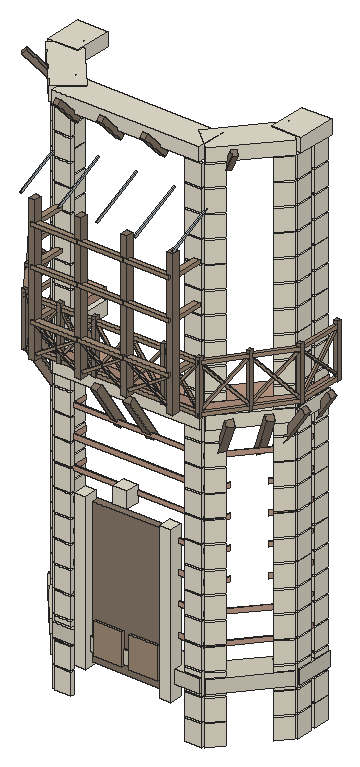
Revit family "AM_Detail_06_Polygonal_tower_and_carved_oriel", category Generic Models, Revit 2025 (continued)
Forms (mm)
  Extrusion 235, solid, material "AM Ivory carved stone"
    sketch origin (2055.232, -6920.679, 3065) x (1, 0, 0) y (0, 1, 0)
      loop
        line (0, 0) -> (194.294, 228.582) -> (148.578, 267.441) -> (-45.716, 38.859) -> (0, 0)
    from 0 to 390
  Extrusion 236, solid, material "AM Ivory carved stone"
    sketch origin (2055.232, -6920.679, 3485) x (1, 0, 0) y (0, 1, 0)
      loop
        line (0, 0) -> (194.294, 228.582) -> (148.578, 267.441) -> (-45.716, 38.859) -> (0, 0)
    from 0 to 390
  Extrusion 237, solid, material "AM Ivory carved stone"
    sketch origin (2055.232, -6920.679, 3905) x (1, 0, 0) y (0, 1, 0)
      loop
        line (0, 0) -> (194.294, 228.582) -> (148.578, 267.441) -> (-45.716, 38.859) -> (0, 0)
    from 0 to 390
  Extrusion 238, solid, material "AM Ivory carved stone"
    sketch origin (2055.232, -6920.679, 4325) x (1, 0, 0) y (0, 1, 0)
      loop
        line (0, 0) -> (194.294, 228.582) -> (148.578, 267.441) -> (-45.716, 38.859) -> (0, 0)
    from 0 to 390
  Extrusion 239, solid, material "AM Ivory carved stone"
    sketch origin (2055.232, -6920.679, 4745) x (1, 0, 0) y (0, 1, 0)
      loop
        line (0, 0) -> (194.294, 228.582) -> (148.578, 267.441) -> (-45.716, 38.859) -> (0, 0)
    from 0 to 390
  Extrusion 240, solid, material "AM Ivory carved stone"
    sketch origin (2055.232, -6920.679, 5165) x (1, 0, 0) y (0, 1, 0)
      loop
        line (0, 0) -> (194.294, 228.582) -> (148.578, 267.441) -> (-45.716, 38.859) -> (0, 0)
    from 0 to 390
  Extrusion 241, solid, material "AM Ivory carved stone"
    sketch origin (2055.232, -6920.679, 5585) x (1, 0, 0) y (0, 1, 0)
      loop
        line (0, 0) -> (194.294, 228.582) -> (148.578, 267.441) -> (-45.716, 38.859) -> (0, 0)
    from 0 to 390
  Extrusion 242, solid, material "AM Ivory carved stone"
    sketch origin (2055.232, -6920.679, 6005) x (1, 0, 0) y (0, 1, 0)
      loop
        line (0, 0) -> (194.294, 228.582) -> (148.578, 267.441) -> (-45.716, 38.859) -> (0, 0)
    from 0 to 390
  Extrusion 243, solid, material "AM Ivory carved stone"
    sketch origin (2055.232, -6920.679, 6425) x (1, 0, 0) y (0, 1, 0)
      loop
        line (0, 0) -> (194.294, 228.582) -> (148.578, 267.441) -> (-45.716, 38.859) -> (0, 0)
    from 0 to 390
  Extrusion 244, solid, material "AM Ivory carved stone"
    sketch origin (2055.232, -6920.679, 6845) x (1, 0, 0) y (0, 1, 0)
      loop
        line (0, 0) -> (194.294, 228.582) -> (148.578, 267.441) -> (-45.716, 38.859) -> (0, 0)
    from 0 to 390
  Extrusion 245, solid, material "AM Ivory carved stone"
    sketch origin (2055.232, -6920.679, 7265) x (1, 0, 0) y (0, 1, 0)
      loop
        line (0, 0) -> (194.294, 228.582) -> (148.578, 267.441) -> (-45.716, 38.859) -> (0, 0)
    from 0 to 390
  Extrusion 246, solid, material "AM Ivory carved stone"
    sketch origin (2055.232, -6920.679, 7685) x (1, 0, 0) y (0, 1, 0)
      loop
        line (0, 0) -> (194.294, 228.582) -> (148.578, 267.441) -> (-45.716, 38.859) -> (0, 0)
    from 0 to 390
  Extrusion 247, solid, material "AM Ivory carved stone"
    sketch origin (2055.232, -6920.679, 8105) x (1, 0, 0) y (0, 1, 0)
      loop
        line (0, 0) -> (194.294, 228.582) -> (148.578, 267.441) -> (-45.716, 38.859) -> (0, 0)
    from 0 to 389.999
  Extrusion 248, solid, material "AM Ivory carved stone"
    sketch origin (2055.232, -6920.679, 8525.001) x (1, 0, 0) y (0, 1, 0)
      loop
        line (0, 0) -> (194.294, 228.582) -> (148.578, 267.441) -> (-45.716, 38.859) -> (0, 0)
    from 0 to 389.999
  Extrusion 249, solid, material "AM Ivory carved stone"
    sketch origin (2055.232, -6920.679, 8945.001) x (1, 0, 0) y (0, 1, 0)
      loop
        line (0, 0) -> (194.294, 228.582) -> (148.578, 267.441) -> (-45.716, 38.859) -> (0, 0)
    from 0 to 389.999
  Extrusion 250, solid, material "AM Ivory carved stone"
    sketch origin (2055.232, -6920.679, 9365.001) x (1, 0, 0) y (0, 1, 0)
      loop
        line (0, 0) -> (194.294, 228.582) -> (148.578, 267.441) -> (-45.716, 38.859) -> (0, 0)
    from 0 to 389.999
  Extrusion 251, solid, material "AM Aged chestnut timber"
    sketch origin (1572.317, -7441.957, 9607.513) x (0.853484, 0.270456, -0.445442) y (0, 0.85478, 0.518991)
      loop
        line (0, 0) -> (72.089, 61.873) -> (10.217, 133.961) -> (-61.872, 72.089) -> (0, 0)
    from 0 to 657.951
  Extrusion 252, solid, material "AM Warm limestone - fine pores"
    sketch origin (2310, -6650, 1025) x (1, 0, 0) y (0, 1, 0)
      loop
        line (0, 0) -> (0, 700) -> (-500, 700) -> (-500, 0) -> (0, 0)
    from 0 to 250
  Extrusion 253, solid, material "AM Ivory carved stone"
    sketch origin (2305, -6650, 5380) x (1, 0, 0) y (0, 1, 0)
      loop
        line (0, 0) -> (0, 700) -> (-490, 700) -> (-490, 0) -> (0, 0)
    from 0 to 240
  Extrusion 254, solid, material "AM Faded terracotta masonry"
    sketch origin (2290, -6650, 5705) x (1, 0, 0) y (0, 1, 0)
      loop
        line (0, 0) -> (0, 700) -> (-460, 700) -> (-460, 0) -> (0, 0)
    from 0 to 130
  Extrusion 255, solid, material "AM Ivory carved stone"
    sketch origin (2335, -6650, 9815) x (1, 0, 0) y (0, 1, 0)
      loop
        line (0, 0) -> (0, 700) -> (-550, 700) -> (-550, 0) -> (0, 0)
    from 0 to 250
  Extrusion 256, solid, material "AM Faded terracotta masonry"
    sketch origin (2222, -6650, 1757.5) x (1, 0, 0) y (0, 1, 0)
      loop
        line (0, 0) -> (0, 700) -> (-20, 700) -> (-20, 0) -> (0, 0)
    from 0 to 85
  Extrusion 257, solid, material "AM Faded terracotta masonry"
    sketch origin (2222, -6650, 2277.5) x (1, 0, 0) y (0, 1, 0)
      loop
        line (0, 0) -> (0, 700) -> (-20, 700) -> (-20, 0) -> (0, 0)
    from 0 to 85
  Extrusion 258, solid, material "AM Faded terracotta masonry"
    sketch origin (2222, -6650, 2797.5) x (1, 0, 0) y (0, 1, 0)
      loop
        line (0, 0) -> (0, 700) -> (-20, 700) -> (-20, 0) -> (0, 0)
    from 0 to 85
  Extrusion 259, solid, material "AM Faded terracotta masonry"
    sketch origin (2222, -6650, 3317.5) x (1, 0, 0) y (0, 1, 0)
      loop
        line (0, 0) -> (0, 700) -> (-20, 700) -> (-20, 0) -> (0, 0)
    from 0 to 85
  Extrusion 260, solid, material "AM Faded terracotta masonry"
    sketch origin (2222, -6650, 3837.5) x (1, 0, 0) y (0, 1, 0)
      loop
        line (0, 0) -> (0, 700) -> (-20, 700) -> (-20, 0) -> (0, 0)
    from 0 to 85
  Extrusion 261, solid, material "AM Faded terracotta masonry"
    sketch origin (2222, -6650, 4357.5) x (1, 0, 0) y (0, 1, 0)
      loop
        line (0, 0) -> (0, 700) -> (-20, 700) -> (-20, 0) -> (0, 0)
    from 0 to 85
  Extrusion 262, solid, material "AM Faded terracotta masonry"
    sketch origin (2222, -6650, 4877.5) x (1, 0, 0) y (0, 1, 0)
      loop
        line (0, 0) -> (0, 700) -> (-20, 700) -> (-20, 0) -> (0, 0)
    from 0 to 85
  Extrusion 263, solid, material "AM Ivory carved stone"
    sketch origin (2265, -6650.001, 125) x (1, 0, 0) y (0, 1, 0)
      loop
        line (0, 0) -> (0, 300) -> (-60, 300) -> (-60, 0) -> (0, 0)
    from 0 to 390
  Extrusion 264, solid, material "AM Ivory carved stone"
    sketch origin (2265, -6650.001, 545) x (1, 0, 0) y (0, 1, 0)
      loop
        line (0, 0) -> (0, 300) -> (-60, 300) -> (-60, 0) -> (0, 0)
    from 0 to 390
  Extrusion 265, solid, material "AM Ivory carved stone"
    sketch origin (2265, -6650.001, 965) x (1, 0, 0) y (0, 1, 0)
      loop
        line (0, 0) -> (0, 300) -> (-60, 300) -> (-60, 0) -> (0, 0)
    from 0 to 390
  Extrusion 266, solid, material "AM Ivory carved stone"
    sketch origin (2265, -6650.001, 1385) x (1, 0, 0) y (0, 1, 0)
      loop
        line (0, 0) -> (0, 300) -> (-60, 300) -> (-60, 0) -> (0, 0)
    from 0 to 390
  Extrusion 267, solid, material "AM Ivory carved stone"
    sketch origin (2265, -6650.001, 1805) x (1, 0, 0) y (0, 1, 0)
      loop
        line (0, 0) -> (0, 300) -> (-60, 300) -> (-60, 0) -> (0, 0)
    from 0 to 390
  Extrusion 268, solid, material "AM Ivory carved stone"
    sketch origin (2265, -6650.001, 2225) x (1, 0, 0) y (0, 1, 0)
      loop
        line (0, 0) -> (0, 300) -> (-60, 300) -> (-60, 0) -> (0, 0)
    from 0 to 390
  Extrusion 269, solid, material "AM Ivory carved stone"
    sketch origin (2265, -6650.001, 2645) x (1, 0, 0) y (0, 1, 0)
      loop
        line (0, 0) -> (0, 300) -> (-60, 300) -> (-60, 0) -> (0, 0)
    from 0 to 390
  Extrusion 270, solid, material "AM Ivory carved stone"
    sketch origin (2265, -6650.001, 3065) x (1, 0, 0) y (0, 1, 0)
      loop
        line (0, 0) -> (0, 300) -> (-60, 300) -> (-60, 0) -> (0, 0)
    from 0 to 390
  Extrusion 271, solid, material "AM Ivory carved stone"
    sketch origin (2265, -6650.001, 3485) x (1, 0, 0) y (0, 1, 0)
      loop
        line (0, 0) -> (0, 300) -> (-60, 300) -> (-60, 0) -> (0, 0)
    from 0 to 390
  Extrusion 272, solid, material "AM Ivory carved stone"
    sketch origin (2265, -6650.001, 3905) x (1, 0, 0) y (0, 1, 0)
      loop
        line (0, 0) -> (0, 300) -> (-60, 300) -> (-60, 0) -> (0, 0)
    from 0 to 390
  Extrusion 273, solid, material "AM Ivory carved stone"
    sketch origin (2265, -6650.001, 4325) x (1, 0, 0) y (0, 1, 0)
      loop
        line (0, 0) -> (0, 300) -> (-60, 300) -> (-60, 0) -> (0, 0)
    from 0 to 390
  Extrusion 274, solid, material "AM Ivory carved stone"
    sketch origin (2265, -6650.001, 4745) x (1, 0, 0) y (0, 1, 0)
      loop
        line (0, 0) -> (0, 300) -> (-60, 300) -> (-60, 0) -> (0, 0)
    from 0 to 390
  Extrusion 275, solid, material "AM Ivory carved stone"
    sketch origin (2265, -6650.001, 5165) x (1, 0, 0) y (0, 1, 0)
      loop
        line (0, 0) -> (0, 300) -> (-60, 300) -> (-60, 0) -> (0, 0)
    from 0 to 390
  Extrusion 276, solid, material "AM Ivory carved stone"
    sketch origin (2265, -6650.001, 5585) x (1, 0, 0) y (0, 1, 0)
      loop
        line (0, 0) -> (0, 300) -> (-60, 300) -> (-60, 0) -> (0, 0)
    from 0 to 390
  Extrusion 277, solid, material "AM Ivory carved stone"
    sketch origin (2265, -6650.001, 6005) x (1, 0, 0) y (0, 1, 0)
      loop
        line (0, 0) -> (0, 300) -> (-60, 300) -> (-60, 0) -> (0, 0)
    from 0 to 390
  Extrusion 278, solid, material "AM Ivory carved stone"
    sketch origin (2265, -6650.001, 6425) x (1, 0, 0) y (0, 1, 0)
      loop
        line (0, 0) -> (0, 300) -> (-60, 300) -> (-60, 0) -> (0, 0)
    from 0 to 390
  Extrusion 279, solid, material "AM Ivory carved stone"
    sketch origin (2265, -6650.001, 6845) x (1, 0, 0) y (0, 1, 0)
      loop
        line (0, 0) -> (0, 300) -> (-60, 300) -> (-60, 0) -> (0, 0)
    from 0 to 390
  Extrusion 280, solid, material "AM Ivory carved stone"
    sketch origin (2265, -6650.001, 7265) x (1, 0, 0) y (0, 1, 0)
      loop
        line (0, 0) -> (0, 300) -> (-60, 300) -> (-60, 0) -> (0, 0)
    from 0 to 390
  Extrusion 281, solid, material "AM Ivory carved stone"
    sketch origin (2265, -6650.001, 7685) x (1, 0, 0) y (0, 1, 0)
      loop
        line (0, 0) -> (0, 300) -> (-60, 300) -> (-60, 0) -> (0, 0)
    from 0 to 390
  Extrusion 282, solid, material "AM Ivory carved stone"
    sketch origin (2265, -6650.001, 8105) x (1, 0, 0) y (0, 1, 0)
      loop
        line (0, 0) -> (0, 300) -> (-60, 300) -> (-60, 0) -> (0, 0)
    from 0 to 389.999
  Extrusion 283, solid, material "AM Ivory carved stone"
    sketch origin (2265, -6650.001, 8525.001) x (1, 0, 0) y (0, 1, 0)
      loop
        line (0, 0) -> (0, 300) -> (-60, 300) -> (-60, 0) -> (0, 0)
    from 0 to 389.999
  Extrusion 284, solid, material "AM Ivory carved stone"
    sketch origin (2265, -6650.001, 8945.001) x (1, 0, 0) y (0, 1, 0)
      loop
        line (0, 0) -> (0, 300) -> (-60, 300) -> (-60, 0) -> (0, 0)
    from 0 to 389.999
  Extrusion 285, solid, material "AM Ivory carved stone"
    sketch origin (2265, -6650.001, 9365.001) x (1, 0, 0) y (0, 1, 0)
      loop
        line (0, 0) -> (0, 300) -> (-60, 300) -> (-60, 0) -> (0, 0)
    from 0 to 389.999
  Extrusion 286, solid, material "AM Ivory carved stone"
    sketch origin (2265, -6250, 125) x (1, 0, 0) y (0, 1, 0)
      loop
        line (0, 0) -> (0, 300) -> (-60, 300) -> (-60, 0) -> (0, 0)
    from 0 to 390
  Extrusion 287, solid, material "AM Ivory carved stone"
    sketch origin (2265, -6250, 545) x (1, 0, 0) y (0, 1, 0)
      loop
        line (0, 0) -> (0, 300) -> (-60, 300) -> (-60, 0) -> (0, 0)
    from 0 to 390
  Extrusion 288, solid, material "AM Ivory carved stone"
    sketch origin (2265, -6250, 965) x (1, 0, 0) y (0, 1, 0)
      loop
        line (0, 0) -> (0, 300) -> (-60, 300) -> (-60, 0) -> (0, 0)
    from 0 to 390
  Extrusion 289, solid, material "AM Ivory carved stone"
    sketch origin (2265, -6250, 1385) x (1, 0, 0) y (0, 1, 0)
      loop
        line (0, 0) -> (0, 300) -> (-60, 300) -> (-60, 0) -> (0, 0)
    from 0 to 390
  Extrusion 290, solid, material "AM Ivory carved stone"
    sketch origin (2265, -6250, 1805) x (1, 0, 0) y (0, 1, 0)
      loop
        line (0, 0) -> (0, 300) -> (-60, 300) -> (-60, 0) -> (0, 0)
    from 0 to 390
  Extrusion 291, solid, material "AM Ivory carved stone"
    sketch origin (2265, -6250, 2225) x (1, 0, 0) y (0, 1, 0)
      loop
        line (0, 0) -> (0, 300) -> (-60, 300) -> (-60, 0) -> (0, 0)
    from 0 to 390
  Extrusion 292, solid, material "AM Ivory carved stone"
    sketch origin (2265, -6250, 2645) x (1, 0, 0) y (0, 1, 0)
      loop
        line (0, 0) -> (0, 300) -> (-60, 300) -> (-60, 0) -> (0, 0)
    from 0 to 390
  Extrusion 293, solid, material "AM Ivory carved stone"
    sketch origin (2265, -6250, 3065) x (1, 0, 0) y (0, 1, 0)
      loop
        line (0, 0) -> (0, 300) -> (-60, 300) -> (-60, 0) -> (0, 0)
    from 0 to 390
  Extrusion 294, solid, material "AM Ivory carved stone"
    sketch origin (2265, -6250, 3485) x (1, 0, 0) y (0, 1, 0)
      loop
        line (0, 0) -> (0, 300) -> (-60, 300) -> (-60, 0) -> (0, 0)
    from 0 to 390
  Extrusion 295, solid, material "AM Ivory carved stone"
    sketch origin (2265, -6250, 3905) x (1, 0, 0) y (0, 1, 0)
      loop
        line (0, 0) -> (0, 300) -> (-60, 300) -> (-60, 0) -> (0, 0)
    from 0 to 390
  Extrusion 296, solid, material "AM Ivory carved stone"
    sketch origin (2265, -6250, 4325) x (1, 0, 0) y (0, 1, 0)
      loop
        line (0, 0) -> (0, 300) -> (-60, 300) -> (-60, 0) -> (0, 0)
    from 0 to 390
  Extrusion 297, solid, material "AM Ivory carved stone"
    sketch origin (2265, -6250, 4745) x (1, 0, 0) y (0, 1, 0)
      loop
        line (0, 0) -> (0, 300) -> (-60, 300) -> (-60, 0) -> (0, 0)
    from 0 to 390
  Extrusion 298, solid, material "AM Ivory carved stone"
    sketch origin (2265, -6250, 5165) x (1, 0, 0) y (0, 1, 0)
      loop
        line (0, 0) -> (0, 300) -> (-60, 300) -> (-60, 0) -> (0, 0)
    from 0 to 390
  Extrusion 299, solid, material "AM Ivory carved stone"
    sketch origin (2265, -6250, 5585) x (1, 0, 0) y (0, 1, 0)
      loop
        line (0, 0) -> (0, 300) -> (-60, 300) -> (-60, 0) -> (0, 0)
    from 0 to 390
  Extrusion 300, solid, material "AM Ivory carved stone"
    sketch origin (2265, -6250, 6005) x (1, 0, 0) y (0, 1, 0)
      loop
        line (0, 0) -> (0, 300) -> (-60, 300) -> (-60, 0) -> (0, 0)
    from 0 to 390
  Extrusion 301, solid, material "AM Ivory carved stone"
    sketch origin (2265, -6250, 6425) x (1, 0, 0) y (0, 1, 0)
      loop
        line (0, 0) -> (0, 300) -> (-60, 300) -> (-60, 0) -> (0, 0)
    from 0 to 390
  Extrusion 302, solid, material "AM Ivory carved stone"
    sketch origin (2265, -6250, 6845) x (1, 0, 0) y (0, 1, 0)
      loop
        line (0, 0) -> (0, 300) -> (-60, 300) -> (-60, 0) -> (0, 0)
    from 0 to 390
  Extrusion 303, solid, material "AM Ivory carved stone"
    sketch origin (2265, -6250, 7265) x (1, 0, 0) y (0, 1, 0)
      loop
        line (0, 0) -> (0, 300) -> (-60, 300) -> (-60, 0) -> (0, 0)
    from 0 to 390
  Extrusion 304, solid, material "AM Ivory carved stone"
    sketch origin (2265, -6250, 7685) x (1, 0, 0) y (0, 1, 0)
      loop
        line (0, 0) -> (0, 300) -> (-60, 300) -> (-60, 0) -> (0, 0)
    from 0 to 390
  Extrusion 305, solid, material "AM Ivory carved stone"
    sketch origin (2265, -6250, 8105) x (1, 0, 0) y (0, 1, 0)
      loop
        line (0, 0) -> (0, 300) -> (-60, 300) -> (-60, 0) -> (0, 0)
    from 0 to 389.999
  Extrusion 306, solid, material "AM Ivory carved stone"
    sketch origin (2265, -6250, 8525.001) x (1, 0, 0) y (0, 1, 0)
      loop
        line (0, 0) -> (0, 300) -> (-60, 300) -> (-60, 0) -> (0, 0)
    from 0 to 389.999
  Extrusion 307, solid, material "AM Ivory carved stone"
    sketch origin (2265, -6250, 8945.001) x (1, 0, 0) y (0, 1, 0)
      loop
        line (0, 0) -> (0, 300) -> (-60, 300) -> (-60, 0) -> (0, 0)
    from 0 to 389.999
  Extrusion 308, solid, material "AM Ivory carved stone"
    sketch origin (2265, -6250, 9365.001) x (1, 0, 0) y (0, 1, 0)
      loop
        line (0, 0) -> (0, 300) -> (-60, 300) -> (-60, 0) -> (0, 0)
    from 0 to 389.999
  Extrusion 309, solid, material "AM Carved warm timber"
    sketch origin (-2512.5, -6000, 5847.5) x (0, 0, -1) y (1, 0, 0)
      loop
        line (0, 0) -> (0, 65) -> (-65, 65) -> (-65, 0) -> (0, 0)
    from 0 to 850
  Extrusion 310, solid, material "AM Carved warm timber"
    sketch origin (-2512.5, -6000, 6707.5) x (0, 0, -1) y (1, 0, 0)
      loop
        line (0, 0) -> (0, 65) -> (-65, 65) -> (-65, 0) -> (0, 0)
    from 0 to 850
  Extrusion 311, solid, material "AM Aged chestnut timber"
    sketch origin (-2445, -5965, 5830) x (1, 0, 0) y (0, 1, 0)
      loop
        line (0, 0) -> (-70, 0) -> (-70, -70) -> (0, -70) -> (0, 0)
    from 0 to 1000
  Extrusion 312, solid, material "AM Aged chestnut timber"
    sketch origin (-2445, -6815.001, 5830) x (1, 0, 0) y (0, 1, 0)
      loop
        line (0, 0) -> (-70, 0) -> (-70, -70) -> (0, -70) -> (0, 0)
    from 0 to 1000
  Extrusion 313, solid, material "AM Carved warm timber"
    sketch origin (-2499, -6052.977, 5946.122) x (1, 0, 0) y (0, 0.682993, 0.730425)
      loop
        line (0, 0) -> (38, 0) -> (38, 38) -> (0, 38) -> (0, 0)
    from 0 to 1054.182
  Extrusion 314, solid, material "AM Carved warm timber"
    sketch origin (-2499, -6027.023, 6666.121) x (1, 0, 0) y (0, -0.682999, 0.730419)
      loop
        line (0, 0) -> (38, 0) -> (38, 38) -> (0, 38) -> (0, 0)
    from 0 to 1054.182
  Extrusion 315, solid, material "AM Aged chestnut timber"
    sketch origin (-1980.016, -6065, 4786.857) x (0.833591, 0, 0.552383) y (0, 1, 0)
      loop
        line (0, 0) -> (0, -120) -> (120, -120) -> (120, 0) -> (0, 0)
    from 0 to 995.691
  Extrusion 316, solid, material "AM Aged chestnut timber"
    sketch origin (-1980.016, -6665, 4786.857) x (0.833591, 0, 0.552383) y (0, 1, 0)
      loop
        line (0, 0) -> (0, -120) -> (120, -120) -> (120, 0) -> (0, 0)
    from 0 to 995.691
  Extrusion 317, solid, material "AM Carved warm timber"
    sketch origin (-2506.432, -6868.911, 5847.5) x (0.813289, 0.58186, 0) y (0, 0, 1)
      loop
        line (0, 0) -> (65, 0) -> (65, 65) -> (0, 65) -> (0, 0)
    from 0 to 1512.382
  Extrusion 318, solid, material "AM Carved warm timber"
    sketch origin (-2506.432, -6868.911, 6707.5) x (0.813289, 0.58186, 0) y (0, 0, 1)
      loop
        line (0, 0) -> (65, 0) -> (65, 65) -> (0, 65) -> (0, 0)
    from 0 to 1512.382
  Extrusion 319, solid, material "AM Aged chestnut timber"
    sketch origin (-2445, -6815.001, 5830) x (1, 0, 0) y (0, 1, 0)
      loop
        line (0, 0) -> (-70, 0) -> (-70, -70) -> (0, -70) -> (0, 0)
    from 0 to 1000
  Extrusion 320, solid, material "AM Aged chestnut timber"
    sketch origin (-2005, -7430, 5830) x (1, 0, 0) y (0, 1, 0)
      loop
        line (0, 0) -> (-70, 0) -> (-70, -70) -> (0, -70) -> (0, 0)
    from 0 to 1000
  Extrusion 321, solid, material "AM Aged chestnut timber"
    sketch origin (-1565, -8045, 5830) x (1, 0, 0) y (0, 1, 0)
      loop
        line (0, 0) -> (-70, 0) -> (-70, -70) -> (0, -70) -> (0, 0)
    from 0 to 1000
  Extrusion 322, solid, material "AM Carved warm timber"
    sketch origin (-2464.119, -6904.851, 5946.993) x (0.917241, 0.241785, -0.316559) y (0, 0.794709, 0.606991)
      loop
        line (0, 0) -> (33.693, 17.572) -> (16.122, 51.265) -> (-17.572, 33.693) -> (0, 0)
    from 0 to 987.742
  Extrusion 323, solid, material "AM Carved warm timber"
    sketch origin (-2480.236, -6882.323, 6666.993) x (0.917241, 0.241785, 0.316559) y (0, -0.794709, 0.606991)
      loop
        line (0, 0) -> (33.693, -17.572) -> (51.265, 16.121) -> (17.572, 33.693) -> (0, 0)
    from 0 to 987.742
  Extrusion 324, solid, material "AM Carved warm timber"
    sketch origin (-2024.119, -7519.85, 5946.993) x (0.917243, 0.241783, -0.316553) y (0, 0.794706, 0.606995)
      loop
        line (0, 0) -> (33.693, 17.571) -> (16.122, 51.264) -> (-17.571, 33.693) -> (0, 0)
    from 0 to 987.742
  Extrusion 325, solid, material "AM Carved warm timber"
    sketch origin (-2040.237, -7497.323, 6666.993) x (0.917244, 0.241782, 0.316552) y (0, -0.794705, 0.606995)
      loop
        line (0, 0) -> (33.693, -17.571) -> (51.265, 16.122) -> (17.571, 33.693) -> (0, 0)
    from 0 to 987.742
  Extrusion 326, solid, material "AM Aged chestnut timber"
    sketch origin (-1842.84, -6881.294, 4786.857) x (0.893408, -0.16162, 0.419167) y (0, 0.933045, 0.359759)
      loop
        line (0, 0) -> (78.154, -91.06) -> (169.214, -12.906) -> (91.06, 78.154) -> (0, 0)
    from 0 to 995.691
  Extrusion 327, solid, material "AM Aged chestnut timber"
    sketch origin (-1493.722, -7369.267, 4786.857) x (0.893408, -0.16162, 0.419167) y (0, 0.933045, 0.359759)
      loop
        line (0, 0) -> (78.154, -91.06) -> (169.214, -12.906) -> (91.06, 78.154) -> (0, 0)
    from 0 to 995.691
  Extrusion 328, solid, material "AM Carved warm timber"
    sketch origin (-1600, -8112.5, 5847.5) x (0, 1, 0) y (0, 0, 1)
      loop
        line (0, 0) -> (65.001, 0) -> (65.001, 65) -> (0, 65) -> (0, 0)
    from 0 to 3200
  Extrusion 329, solid, material "AM Carved warm timber"
    sketch origin (-1600, -8112.5, 6707.5) x (0, 1, 0) y (0, 0, 1)
      loop
        line (0, 0) -> (65.001, 0) -> (65.001, 65) -> (0, 65) -> (0, 0)
    from 0 to 3200
  Extrusion 330, solid, material "AM Aged chestnut timber"
    sketch origin (-1565, -8045, 5830) x (1, 0, 0) y (0, 1, 0)
      loop
        line (0, 0) -> (-70, 0) -> (-70, -70) -> (0, -70) -> (0, 0)
    from 0 to 1000
  Extrusion 331, solid, material "AM Aged chestnut timber"
    sketch origin (-925, -8045, 5830) x (1, 0, 0) y (0, 1, 0)
      loop
        line (0, 0) -> (-70, 0) -> (-70, -70) -> (0, -70) -> (0, 0)
    from 0 to 1000
  Extrusion 332, solid, material "AM Aged chestnut timber"
    sketch origin (-285, -8045, 5830) x (1, 0, 0) y (0, 1, 0)
      loop
        line (0, 0) -> (-70, 0) -> (-70, -70) -> (0, -70) -> (0, 0)
    from 0 to 1000
  Extrusion 333, solid, material "AM Aged chestnut timber"
    sketch origin (355, -8045, 5830) x (1, 0, 0) y (0, 1, 0)
      loop
        line (0, 0) -> (-70, 0) -> (-70, -70) -> (0, -70) -> (0, 0)
    from 0 to 1000
  Extrusion 334, solid, material "AM Aged chestnut timber"
    sketch origin (995, -8045, 5830) x (1, 0, 0) y (0, 1, 0)
      loop
        line (0, 0) -> (-70, 0) -> (-70, -70) -> (0, -70) -> (0, 0)
    from 0 to 1000
  Extrusion 335, solid, material "AM Aged chestnut timber"
    sketch origin (1635, -8045, 5830) x (1, 0, 0) y (0, 1, 0)
      loop
        line (0, 0) -> (-70, 0) -> (-70, -70) -> (0, -70) -> (0, 0)
    from 0 to 1000
  Extrusion 336, solid, material "AM Carved warm timber"
    sketch origin (-1545.002, -8099, 5948.335) x (0.789352, 0, -0.613941) y (0, 1, 0)
      loop
        line (0, 0) -> (0, 38) -> (-38, 38) -> (-38, 0) -> (0, 0)
    from 0 to 912.14
  Extrusion 337, solid, material "AM Carved warm timber"
    sketch origin (-1574.998, -8099, 6668.334) x (0.789346, 0, 0.613949) y (0, -1, 0)
      loop
        line (0, 0) -> (0, -38) -> (38, -38) -> (38, 0) -> (0, 0)
    from 0 to 912.14
  Extrusion 338, solid, material "AM Carved warm timber"
    sketch origin (-905.002, -8099, 5948.335) x (0.789346, 0, -0.613948) y (0, 1, 0)
      loop
        line (0, 0) -> (0, 38) -> (-38, 38) -> (-38, 0) -> (0, 0)
    from 0 to 912.14
  Extrusion 339, solid, material "AM Carved warm timber"
    sketch origin (-934.998, -8099, 6668.334) x (0.789346, 0, 0.613948) y (0, -1, 0)
      loop
        line (0, 0) -> (0, -38) -> (38, -38) -> (38, 0) -> (0, 0)
    from 0 to 912.14
  Extrusion 340, solid, material "AM Carved warm timber"
    sketch origin (-265.002, -8099, 5948.335) x (0.789346, 0, -0.613948) y (0, 1, 0)
      loop
        line (0, 0) -> (0, 38) -> (-38, 38) -> (-38, 0) -> (0, 0)
    from 0 to 912.14
  Extrusion 341, solid, material "AM Carved warm timber"
    sketch origin (-294.998, -8099, 6668.334) x (0.789346, 0, 0.613948) y (0, -1, 0)
      loop
        line (0, 0) -> (0, -38) -> (38, -38) -> (38, 0) -> (0, 0)
    from 0 to 912.14
  Extrusion 342, solid, material "AM Carved warm timber"
    sketch origin (374.998, -8099, 5948.335) x (0.789346, 0, -0.613948) y (0, 1, 0)
      loop
        line (0, 0) -> (0, 38) -> (-38, 38) -> (-38, 0) -> (0, 0)
    from 0 to 912.14
  Extrusion 343, solid, material "AM Carved warm timber"
    sketch origin (345.002, -8099, 6668.334) x (0.789346, 0, 0.613948) y (0, -1, 0)
      loop
        line (0, 0) -> (0, -38) -> (38, -38) -> (38, 0) -> (0, 0)
    from 0 to 912.14
  Extrusion 344, solid, material "AM Carved warm timber"
    sketch origin (1014.998, -8099, 5948.335) x (0.789352, 0, -0.613941) y (0, 1, 0)
      loop
        line (0, 0) -> (0, 38) -> (-38, 38) -> (-38, 0) -> (0, 0)
    from 0 to 912.14
  Extrusion 345, solid, material "AM Carved warm timber"
    sketch origin (985.002, -8099, 6668.334) x (0.789346, 0, 0.613949) y (0, -1, 0)
      loop
        line (0, 0) -> (0, -38) -> (38, -38) -> (38, 0) -> (0, 0)
    from 0 to 912.14
  Extrusion 346, solid, material "AM Aged chestnut timber"
    sketch origin (-360, -7580.015, 4786.857) x (1, 0, 0) y (0, 0.83359, 0.552384)
      loop
        line (0, 0) -> (120, 0) -> (120, 120) -> (0, 120) -> (0, 0)
    from 0 to 995.691
  Extrusion 347, solid, material "AM Aged chestnut timber"
    sketch origin (240, -7580.015, 4786.857) x (1, 0, 0) y (0, 0.83359, 0.552384)
      loop
        line (0, 0) -> (120, 0) -> (120, 120) -> (0, 120) -> (0, 0)
    from 0 to 995.691
  Extrusion 348, solid, material "AM Carved warm timber"
    sketch origin (1626.432, -8098.91, 5847.5) x (0.813289, -0.58186, 0) y (0, 0, -1)
      loop
        line (0, 0) -> (-65, 0) -> (-65, -65) -> (0, -65) -> (0, 0)
    from 0 to 1512.382
  Extrusion 349, solid, material "AM Carved warm timber"
    sketch origin (1626.432, -8098.91, 6707.5) x (0.813289, -0.58186, 0) y (0, 0, -1)
      loop
        line (0, 0) -> (-65, 0) -> (-65, -65) -> (0, -65) -> (0, 0)
    from 0 to 1512.382
  Extrusion 350, solid, material "AM Aged chestnut timber"
    sketch origin (1635, -8045, 5830) x (1, 0, 0) y (0, 1, 0)
      loop
        line (0, 0) -> (-70, 0) -> (-70, -70) -> (0, -70) -> (0, 0)
    from 0 to 1000
  Extrusion 351, solid, material "AM Aged chestnut timber"
    sketch origin (2075, -7430, 5830) x (1, 0, 0) y (0, 1, 0)
      loop
        line (0, 0) -> (-70, 0) -> (-70, -70) -> (0, -70) -> (0, 0)
    from 0 to 1000
  Extrusion 352, solid, material "AM Aged chestnut timber"
    sketch origin (2515, -6815.001, 5830) x (1, 0, 0) y (0, 1, 0)
      loop
        line (0, 0) -> (-70, 0) -> (-70, -70) -> (0, -70) -> (0, 0)
    from 0 to 1000
  Extrusion 353, solid, material "AM Carved warm timber"
    sketch origin (1646.786, -8047.26, 5946.993) x (0.917241, -0.241784, -0.316558) y (0, 0.794709, -0.606991)
      loop
        line (0, 0) -> (-33.693, 17.572) -> (-51.265, -16.121) -> (-17.572, -33.693) -> (0, 0)
    from 0 to 987.742
  Extrusion 354, solid, material "AM Carved warm timber"
    sketch origin (1630.668, -8069.788, 6666.993) x (0.917241, -0.241784, 0.316558) y (0, -0.794709, -0.606991)
      loop
        line (0, 0) -> (-33.693, -17.572) -> (-16.122, -51.265) -> (17.572, -33.693) -> (0, 0)
    from 0 to 987.742
  Extrusion 355, solid, material "AM Carved warm timber"
    sketch origin (2086.786, -7432.261, 5946.993) x (0.917241, -0.241784, -0.316557) y (0, 0.794708, -0.606992)
      loop
        line (0, 0) -> (-33.693, 17.572) -> (-51.265, -16.121) -> (-17.572, -33.693) -> (0, 0)
    from 0 to 987.742
  Extrusion 356, solid, material "AM Carved warm timber"
    sketch origin (2070.668, -7454.788, 6666.993) x (0.917241, -0.241785, 0.316559) y (0, -0.794709, -0.606991)
      loop
        line (0, 0) -> (-33.693, -17.572) -> (-16.122, -51.265) -> (17.572, -33.693) -> (0, 0)
    from 0 to 987.742
  Extrusion 357, solid, material "AM Aged chestnut timber"
    sketch origin (1423.898, -7466.861, 4786.857) x (0.893408, 0.16162, -0.419167) y (0, 0.933045, 0.359759)
      loop
        line (0, 0) -> (78.154, 91.06) -> (-12.906, 169.214) -> (-91.06, 78.154) -> (0, 0)
    from 0 to 995.691
  Extrusion 358, solid, material "AM Aged chestnut timber"
    sketch origin (1773.017, -6978.889, 4786.857) x (0.893408, 0.16162, -0.419167) y (0, 0.933045, 0.359759)
      loop
        line (0, 0) -> (78.154, 91.06) -> (-12.906, 169.214) -> (-91.06, 78.154) -> (0, 0)
    from 0 to 995.691
  Extrusion 359, solid, material "AM Carved warm timber"
    sketch origin (2512.5, -6850, 5847.5) x (0, 0, 1) y (1, 0, 0)
      loop
        line (0, 0) -> (0, -65) -> (65, -65) -> (65, 0) -> (0, 0)
    from 0 to 850
  Extrusion 360, solid, material "AM Carved warm timber"
    sketch origin (2512.5, -6850, 6707.5) x (0, 0, 1) y (1, 0, 0)
      loop
        line (0, 0) -> (0, -65) -> (65, -65) -> (65, 0) -> (0, 0)
    from 0 to 850
  Extrusion 361, solid, material "AM Aged chestnut timber"
    sketch origin (2515, -6815.001, 5830) x (1, 0, 0) y (0, 1, 0)
      loop
        line (0, 0) -> (-70, 0) -> (-70, -70) -> (0, -70) -> (0, 0)
    from 0 to 1000
  Extrusion 362, solid, material "AM Aged chestnut timber"
    sketch origin (2515, -5965, 5830) x (1, 0, 0) y (0, 1, 0)
      loop
        line (0, 0) -> (-70, 0) -> (-70, -70) -> (0, -70) -> (0, 0)
    from 0 to 1000
  Extrusion 363, solid, material "AM Carved warm timber"
    sketch origin (2499, -6797.023, 5946.122) x (1, 0.000007, 0.000006) y (0, 0.682993, -0.730425)
      loop
        line (0, 0) -> (-38, 0) -> (-38, -38) -> (0, -38) -> (0, 0)
    from 0 to 1054.182
  Extrusion 364, solid, material "AM Carved warm timber"
    sketch origin (2499, -6822.977, 6666.121) x (1, 0, 0) y (0, -0.682993, -0.730425)
      loop
        line (0, 0) -> (-38, 0) -> (-38, -38) -> (0, -38) -> (0, 0)
    from 0 to 1054.182
  Extrusion 365, solid, material "AM Aged chestnut timber"
    sketch origin (1980.016, -6785, 4786.857) x (0.833591, 0, -0.552383) y (0, 1, 0)
      loop
        line (0, 0) -> (0, 120) -> (-120, 120) -> (-120, 0) -> (0, 0)
    from 0 to 995.691
  Extrusion 366, solid, material "AM Aged chestnut timber"
    sketch origin (1980.016, -6185, 4786.857) x (0.833591, 0, -0.552383) y (0, 1, 0)
      loop
        line (0, 0) -> (0, 120) -> (-120, 120) -> (-120, 0) -> (0, 0)
    from 0 to 995.691
  Extrusion 367, solid, material "AM Carved warm timber"
    sketch origin (-1270, -8365.001, 6487.5) x (1, 0, 0) y (0, 1, 0)
      loop
        line (0, 0) -> (846.667, 0) -> (846.667, 100) -> (0, 100) -> (0, 0)
    from 0 to 65
  Extrusion 368, solid, material "AM Carved warm timber"
    sketch origin (-1270, -8365.001, 7387.5) x (1, 0, 0) y (0, 1, 0)
      loop
        line (0, 0) -> (846.667, 0) -> (846.667, 100) -> (0, 100) -> (0, 0)
    from 0 to 65
  Extrusion 369, solid, material "AM Carved warm timber"
    sketch origin (-1270, -8365.001, 8097.5) x (1, 0, 0) y (0, 1, 0)
      loop
        line (0, 0) -> (846.667, 0) -> (846.667, 100) -> (0, 100) -> (0, 0)
    from 0 to 65.001
  Extrusion 370, solid, material "AM Carved warm timber"
    sketch origin (-1192.763, -8337.5, 5975.306) x (0.543095, 0, -0.839671) y (0, 1, 0)
      loop
        line (0, 0) -> (0, 35) -> (-35, 35) -> (-35, 0) -> (0, 0)
    from 0 to 846.998
  Extrusion 371, solid, material "AM Carved warm timber"
    sketch origin (-1211.771, -8337.5, 6435.306) x (0.543097, 0, 0.83967) y (0, -1, 0)
      loop
        line (0, 0) -> (0, -35) -> (35, -35) -> (35, 0) -> (0, 0)
    from 0 to 846.998
  Extrusion 372, solid, material "AM Carved warm timber"
    sketch origin (-423.333, -8365.001, 6487.5) x (1, 0, 0) y (0, 1, 0)
      loop
        line (0, 0) -> (846.667, 0) -> (846.667, 100) -> (0, 100) -> (0, 0)
    from 0 to 65
  Extrusion 373, solid, material "AM Carved warm timber"
    sketch origin (-423.333, -8365.001, 7387.5) x (1, 0, 0) y (0, 1, 0)
      loop
        line (0, 0) -> (846.667, 0) -> (846.667, 100) -> (0, 100) -> (0, 0)
    from 0 to 65
  Extrusion 374, solid, material "AM Carved warm timber"
    sketch origin (-423.333, -8365.001, 8097.5) x (1, 0, 0) y (0, 1, 0)
      loop
        line (0, 0) -> (846.667, 0) -> (846.667, 100) -> (0, 100) -> (0, 0)
    from 0 to 65.001
  Extrusion 375, solid, material "AM Carved warm timber"
    sketch origin (-346.096, -8337.5, 5975.306) x (0.543096, -0.000001, -0.839671) y (0, 1, -0.000001)
      loop
        line (0, 0) -> (0, 35) -> (-35, 35) -> (-35, 0) -> (0, 0)
    from 0 to 846.998
  Extrusion 376, solid, material "AM Carved warm timber"
    sketch origin (-365.104, -8337.5, 6435.306) x (0.543096, 0, 0.839671) y (0, -1, 0)
      loop
        line (0, 0) -> (0, -35) -> (35, -35) -> (35, 0) -> (0, 0)
    from 0 to 846.998
  Extrusion 377, solid, material "AM Carved warm timber"
    sketch origin (423.333, -8365.001, 6487.5) x (1, 0, 0) y (0, 1, 0)
      loop
        line (0, 0) -> (846.667, 0) -> (846.667, 100) -> (0, 100) -> (0, 0)
    from 0 to 65
  Extrusion 378, solid, material "AM Carved warm timber"
    sketch origin (423.333, -8365.001, 7387.5) x (1, 0, 0) y (0, 1, 0)
      loop
        line (0, 0) -> (846.667, 0) -> (846.667, 100) -> (0, 100) -> (0, 0)
    from 0 to 65
  Extrusion 379, solid, material "AM Carved warm timber"
    sketch origin (423.333, -8365.001, 8097.5) x (1, 0, 0) y (0, 1, 0)
      loop
        line (0, 0) -> (846.667, 0) -> (846.667, 100) -> (0, 100) -> (0, 0)
    from 0 to 65.001
  Extrusion 380, solid, material "AM Carved warm timber"
    sketch origin (500.571, -8337.5, 5975.306) x (0.543096, 0, -0.839671) y (0, 1, 0)
      loop
        line (0, 0) -> (0, 35) -> (-35, 35) -> (-35, 0) -> (0, 0)
    from 0 to 846.998
  Extrusion 381, solid, material "AM Carved warm timber"
    sketch origin (481.563, -8337.5, 6435.306) x (0.543096, 0, 0.839671) y (0, -1, 0)
      loop
        line (0, 0) -> (0, -35) -> (35, -35) -> (35, 0) -> (0, 0)
    from 0 to 846.998
  Extrusion 382, solid, material "AM Aged chestnut timber"
    sketch origin (-1322.5, -8340, 5870) x (1, 0, 0) y (0, 1, 0)
      loop
        line (0, 0) -> (105, 0) -> (105, 139.999) -> (0, 139.999) -> (0, 0)
    from 0 to 2660
  Extrusion 383, solid, material "AM Aged chestnut timber"
    sketch origin (-475.833, -8340, 5870) x (1, 0, 0) y (0, 1, 0)
      loop
        line (0, 0) -> (105, 0) -> (105, 139.999) -> (0, 139.999) -> (0, 0)
    from 0 to 2660
  Extrusion 384, solid, material "AM Aged chestnut timber"
    sketch origin (370.833, -8340, 5870) x (1, 0, 0) y (0, 1, 0)
      loop
        line (0, 0) -> (105, 0) -> (105, 139.999) -> (0, 139.999) -> (0, 0)
    from 0 to 2660
  Extrusion 385, solid, material "AM Aged chestnut timber"
    sketch origin (1217.5, -8340, 5870) x (1, 0, 0) y (0, 1, 0)
      loop
        line (0, 0) -> (105, 0) -> (105, 139.999) -> (0, 139.999) -> (0, 0)
    from 0 to 2660
  Extrusion 386, solid, material "AM Carved warm timber"
    sketch origin (-1320, -8270, 6485) x (1, 0, 0) y (0, 1, 0)
      loop
        line (0, 0) -> (100, 0) -> (100, 620) -> (0, 620) -> (0, 0)
    from 0 to 70
  Extrusion 387, solid, material "AM Carved warm timber"
    sketch origin (-1320, -8270, 7385) x (1, 0, 0) y (0, 1, 0)
      loop
        line (0, 0) -> (100, 0) -> (100, 620) -> (0, 620) -> (0, 0)
    from 0 to 70
  Extrusion 388, solid, material "AM Carved warm timber"
    sketch origin (-1320, -8270, 8095) x (1, 0, 0) y (0, 1, 0)
      loop
        line (0, 0) -> (100, 0) -> (100, 620) -> (0, 620) -> (0, 0)
    from 0 to 70
  Extrusion 389, solid, material "AM Carved warm timber"
    sketch origin (1220, -8270, 6485) x (1, 0, 0) y (0, 1, 0)
      loop
        line (0, 0) -> (100, 0) -> (100, 620) -> (0, 620) -> (0, 0)
    from 0 to 70
  Extrusion 390, solid, material "AM Carved warm timber"
    sketch origin (1220, -8270, 7385) x (1, 0, 0) y (0, 1, 0)
      loop
        line (0, 0) -> (100, 0) -> (100, 620) -> (0, 620) -> (0, 0)
    from 0 to 70
  Extrusion 391, solid, material "AM Carved warm timber"
    sketch origin (1220, -8270, 8095) x (1, 0, 0) y (0, 1, 0)
      loop
        line (0, 0) -> (100, 0) -> (100, 620) -> (0, 620) -> (0, 0)
    from 0 to 70
  Extrusion 392, solid, material "AM Weathered blue grey zinc"
    sketch origin (-1389, -8435.3, 8630.054) x (1, 0, 0) y (0, 0.427249, -0.904134)
      loop
        line (0, 0) -> (-22, 0) -> (-22, -22) -> (0, -22) -> (0, 0)
    from 0 to 1006.478
  Extrusion 393, solid, material "AM Weathered blue grey zinc"
    sketch origin (-689, -8435.3, 8630.054) x (1, 0, 0) y (0, 0.427249, -0.904134)
      loop
        line (0, 0) -> (-22, 0) -> (-22, -22) -> (0, -22) -> (0, 0)
    from 0 to 1006.478
  Extrusion 394, solid, material "AM Weathered blue grey zinc"
    sketch origin (11, -8435.3, 8630.054) x (1, 0, 0) y (0, 0.427249, -0.904134)
      loop
        line (0, 0) -> (-22, 0) -> (-22, -22) -> (0, -22) -> (0, 0)
    from 0 to 1006.478
  Extrusion 395, solid, material "AM Weathered blue grey zinc"
    sketch origin (711, -8435.3, 8630.054) x (1, 0, 0) y (0, 0.427249, -0.904134)
      loop
        line (0, 0) -> (-22, 0) -> (-22, -22) -> (0, -22) -> (0, 0)
    from 0 to 1006.478
  Extrusion 396, solid, material "AM Weathered blue grey zinc"
    sketch origin (1411, -8435.3, 8630.054) x (1, 0, 0) y (0, 0.427249, -0.904134)
      loop
        line (0, 0) -> (-22, 0) -> (-22, -22) -> (0, -22) -> (0, 0)
    from 0 to 1006.478
Dimensions and locks
  aligned and locked: level to plane 2
